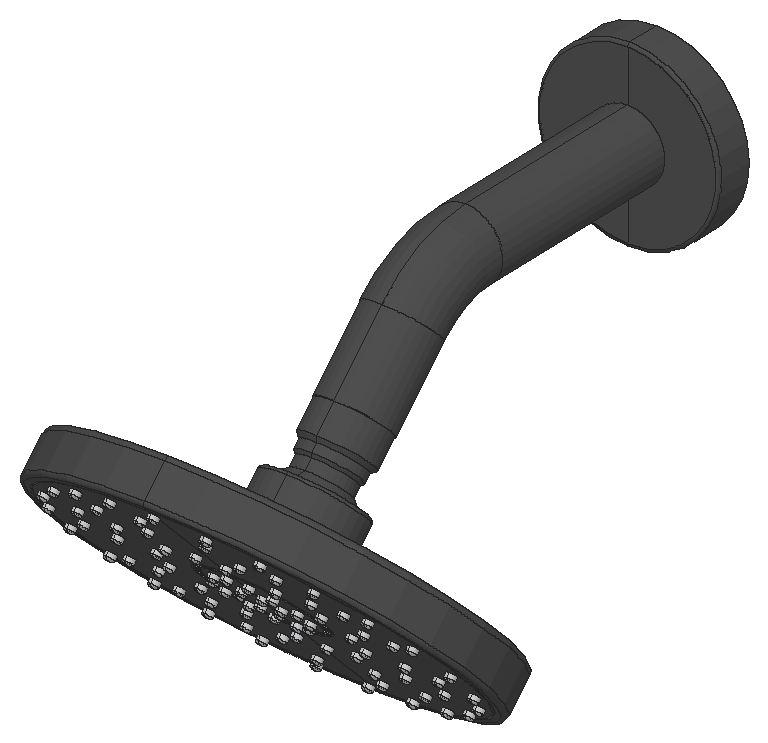
Revit family "Reece_Shower_Nikles_Pearl_Shower Arm and Rose", category Plumbing Fixtures, Revit 2018
Family settings
  Round Connector Dimension = Use Diameter
  Part Type = Normal
  Work Plane-Based = Yes
  Always vertical = Yes
  Cut with Voids When Loaded = Yes
  Shared = Yes
  Room Calculation Point = Yes
Parameters (values of type "Matte Black")
  URL = "https://www.reece.com.au/product/-4201155"
  Type Comments = "Shower"
  Reece_Shower_Inlet = 12 mm  # constant formula
  Reece_Product_Web Page = "https://www.reece.com.au/product/-4201155"
  Reece_Product_Type = "Shower"  # constant formula
  Reece_Product_Sub Brand = "Pearl"  # constant formula
  Reece_Product_Number = "4201155"
  Reece_Product_Mount = "Wall Mounted"
  Reece_Product_Description = "Nikles Pearl Wall Shower & Arm Matte Black (4 Star)"
  Reece_Product_Brand = "Nikles"  # constant formula
  Reece_Overall_Projection = 211 mm  # constant formula
  Reece_Overall_Height = 147 mm  # constant formula
  Reece_Overall_Diameter = 140 mm  # constant formula
  Reece_Material_Secondary = Reece_Plastic_White
  Reece_Material_Main = Reece_Brass_Matte Black
  Reece_Height_From_Level [instance] = 1600 mm
  Reece_Detail_Installation = "Shower Arm & Rose"  # constant formula
  Reece_Detail_Disclaimer = "THIS FILE IS THE PROPERTY OF THE REECE GROUP. IT MAY NOT BE REPRODUCED, REVERSE-ENGINEERED OR MODIFIED. ANY REPUBLICATION, TRANSMISSION OR DISTRIBUTION FOR THE PURPOSE OF COMMERCIALLY EXPLOITING THE FILES IS PROHIBITED."  # constant formula
  Model = "Pearl"
  Manufacturer = "Nikles"
  Keynote = "Product #4201155, Reece_Shower_Nikles_Pearl_Shower Arm and Rose - Matte Black"
  Disclaimer = "THIS FILE IS THE PROPERTY OF THE REECE GROUP. IT MAY NOT BE REPRODUCED, REVERSE-ENGINEERED OR MODIFIED. ANY REPUBLICATION, TRANSMISSION OR DISTRIBUTION FOR THE PURPOSE OF COMMERCIALLY EXPLOITING THE FILES IS PROHIBITED."  # constant formula
  Description = "Nikles Pearl Wall Shower & Arm Matte Black (4 Star)"
  Default Elevation = 0 mm
Types (3, lengths in mm): name | URL | Reece_Product_Web Page | Reece_Product_Number | Reece_Product_Description | Reece_Material_Main | Keynote | Description
  (no name) | "https://www.reece.com.au/product/-4201151" | "https://www.reece.com.au/product/-4201151" | "4201151" | "Nikles Pearl Wall Shower & Arm Chrome (4 Star)" | Reece_Brass_Chrome | "Product #4201151, Reece_Shower_Nikles_Pearl_Shower Arm and Rose -  " | "Nikles Pearl Wall Shower & Arm Chrome (4 Star)"
  Chrome | "https://www.reece.com.au/product/-4201151" | "https://www.reece.com.au/product/-4201151" | "4201151" | "Nikles Pearl Wall Shower & Arm Chrome (4 Star)" | Reece_Brass_Chrome | "Product #4201151, Reece_Shower_Nikles_Pearl_Shower Arm and Rose - Chrome" | "Nikles Pearl Wall Shower & Arm Chrome (4 Star)"
  Matte Black | "https://www.reece.com.au/product/-4201155" | "https://www.reece.com.au/product/-4201155" | "4201155" | "Nikles Pearl Wall Shower & Arm Matte Black (4 Star)" | Reece_Brass_Matte Black | "Product #4201155, Reece_Shower_Nikles_Pearl_Shower Arm and Rose - Matte Black" | "Nikles Pearl Wall Shower & Arm Matte Black (4 Star)"
Reference planes
  plane 1 "Center (Front/Back)": y = 0
  plane 2 "Height From Floor": z = 1600
  plane 3 "Center (Left/Right)": x = 0
  plane 4 "Bottom Of Invisible Line": z = -5
  plane 5 "Front": y = -12
  plane 6: z = 1630
  plane 7: z = 1570
  plane 8: z = 1483
  plane 9: y = -211
  plane 10: x = -70
  plane 11: x = 70
Forms (mm)
  Sweep 1, solid, material "Reece_Brass_Matte Black" <- "Reece_Material_Main"
    path origin (0, 0, 0) x (0, 1, 0) y (0, 0, 1)
      loop
        line (-12, 1600) -> (-78.673, 1600)
        arc (-78.673, 1600) -> (-92.832, 1597.184) -> (-104.836, 1589.163) r 37
        line (-104.836, 1589.163) -> (-124.479, 1569.52)
    profile origin (0, -45.337, 1600) x (0, 0, -1) y (1, 0, 0)
      loop
        circle (0, 0) r 12
  Revolve 2, solid, material "Reece_Brass_Matte Black" <- "Reece_Material_Main"
    sketch origin (0, 0, 0) x (0, 1, 0) y (0, 0, 1)
      loop
        line (-6, 1600) -> (-6, 1608) -> (0, 1608) -> (0, 1630) -> (-11.049, 1630)
        arc (-11.049, 1630) -> (-11.721, 1629.721) -> (-12, 1629.049) r 0.951
        line (-12, 1629.049) -> (-12, 1600) -> (-6, 1600)
      axis (-12, 1600) -> (0, 1600)
    angle from 0 to 360
Lines and regions (mm)
  model lines, style "InvisibleLines"
    curve 1: line (0, 0, -5) -> (0, 0, 1600)
Text (mm)
  text "Reece ©" at (2310.245, -1874.396, 3832.171), in view "Reece Preview"
  text "Reece ©" at (1631.025, -1085.127, -1020.679), in view "Ref. Level"
Dimensions and locks
  plane 6 to plane 7 = 60 mm  (x2)
  plane 2 "Height From Floor" to plane 8 = 117 mm  (x3)
  "Reece_Overall_Projection": plane 1 "Center (Front/Back)" to plane 9
  plane 1 "Center (Front/Back)" to plane 5 "Front" = 12 mm
  locked: Sweep 1 sketch curve to Sweep 1 sketch curve at 10.837
  locked: plane 2 "Height From Floor" to Sweep 1 sketch curve at 30.48
  "Reece_Height_From_Level": plane 2 "Height From Floor" to level
  "Reece_Overall_Diameter": plane 11 to plane 10
  plane 7 to plane 2 "Height From Floor" to plane 6 = 30 mm locked, 30 mm locked
  "Reece_Overall_Height": plane 6 to plane 8
  aligned and locked: Sweep 1 sketch curve to plane 2 "Height From Floor"
  aligned and locked: plane 2 "Height From Floor" to Revolve 2 sketch curve
  aligned and locked: Revolve 2 sketch curve to plane 6
Automatic sketch dimensions
  curve 1 to plane 2 "Height From Floor" = 0 mm
  curve 1 to plane 3 "Center (Left/Right)" = 0 mm
  curve 1 to plane 4 "Bottom Of Invisible Line" = 0 mm
  Sweep 1 sketch curve to plane 5 "Front" = 0 mm
  Sweep 1 sketch curve to plane 5 "Front" = 66.673 mm
  Sweep 1 sketch curve to Sweep 1 sketch curve = 26.163 mm
  Sweep 1 sketch curve to Sweep 1 sketch curve = 19.643 mm
  Sweep 1 sketch curve to plane 3 "Center (Left/Right)" = 0 mm
  Sweep 1 sketch curve to profile plane = 0 mm
  Revolve 2 sketch curve to plane 2 "Height From Floor" = 0 mm
  Revolve 2 sketch curve to plane 5 "Front" = 0 mm
  plane 5 "Front" to Revolve 2 sketch curve = 0.951 mm
  plane 1 "Center (Front/Back)" to Revolve 2 sketch curve = 6 mm
  Revolve 2 sketch curve to plane 1 "Center (Front/Back)" = 3.152 mm
  Revolve 2 sketch curve to Revolve 2 sketch curve = 10 mm
  plane 2 "Height From Floor" to Revolve 2 sketch curve = 8 mm
  Revolve 2 sketch curve to plane 1 "Center (Front/Back)" = 0 mm
  radius of Sweep 1 sketch curve = 12 mm
Nested families
  nested 1: "Reece_Shower_Nikles_Pearl_Shower Arm and Rose_Nested" at (0, -124.49, 1569.53) x (1, 0, 0) z (0, -0.7071, -0.7071), Reece_Material_Main <- "Reece_Material_Main", Reece_Material_Secondary <- "Reece_Material_Secondary", type "Reece_Shower_Nikles_Pearl_Shower Arm and Rose_Nested"
    with Reece_Material_Secondary Reece_Plastic_White, Reece_Material_Main Reece_Brass_Matte Black
Connectors
  piping at (0, 0, 1600), diameter 12, driven by "Reece_Shower_Inlet"
    settings: on Revolve 2, index 1, connector inside diameter 609.6 mm, connector length 0 mm, flow factor 0, pipe flow 0.0 L/s, pressure drop 0.0 Pa, fitting loss kfactor 0, connector angle 0.00°, fixture units 0, engagement length 0 mm, angle of deflection 0.00°, flow configuration 0, flow direction 1, fitting loss method 0, system type 29, joint type 0, gender type 0, connector reference index -1, connector utility 0, adjustable connector no, is connector primary yes, connector description ""
Definition of nested family "Reece_Shower_Nikles_Pearl_Shower Arm and Rose_Nested"
  Parameters (values of type "Reece_Shower_Nikles_Pearl_Shower Arm and Rose_Nested")
    Waste Connection = no
    WFU = 0
    Vent Connection = no
    URL = ""
    Type Comments = ""
    Reece_Material_Secondary [instance] = none
    Reece_Material_Main [instance] = none
    Model = ""
    Manufacturer = ""
    Keynote = ""
    HWFU = 0
    HW Connection = no
    Description = ""
    Default Elevation = 0 mm
    Cost = 0
    CWFU = 0
    CW Connection = no
    Assembly Code = ""
  Reference planes
    plane 1 "Center (Front/Back)": y = 0
    plane 2: z = 0
    plane 3 "Center (Left/Right)": x = 0
    plane 4: x = 70
    plane 5: x = -70
    plane 6: y = 70
    plane 7: y = -70
    plane 8 "Top": z = 53.238
    plane 9: x = 70
  Forms (mm)
    Extrusion 1, solid
      sketch origin (619.2, 20, 0) x (1, 0, 0) y (0, 1, 0)
        loop
          line (-843.153, 203.827) -> (-843.153, -206.911) -> (-388.302, -206.911) -> (-388.302, 203.827) -> (-843.153, 203.827)
      from 0 to -35.776
    Revolve 2, solid, material <- "Reece_Material_Main"
      sketch origin (0, -65.224, -110.6) x (0, -0.707107, 0.707107) y (0, 0.707107, 0.707107)
        loop
          line (19.173, 210.408) -> (11.036, 202.271)
          arc (11.036, 202.271) -> (10.45, 200.857) -> (11.036, 199.442) r 2
          line (11.036, 199.442) -> (46.157, 164.321)
          arc (46.157, 164.321) -> (46.742, 162.907) -> (46.157, 161.493) r 2
          line (46.157, 161.493) -> (44.738, 160.075) -> (36.944, 152.28)
          arc (36.944, 152.28) -> (36.651, 151.573) -> (36.944, 150.866) r 1
          line (36.944, 150.866) -> (39.2, 148.61) -> (39.2, 144.413) -> (36.557, 141.77) -> (35.145, 141.77) -> (33.005, 139.63) -> (30.924, 139.63) -> (23.853, 132.559) -> (32.086, 124.326) -> (55.583, 147.824) -> (69.731, 161.971) -> (57.362, 174.34) -> (56.788, 173.766) -> (54.632, 175.922) -> (55.206, 176.496) -> (23.124, 208.578) -> (22.117, 207.57) -> (21.551, 208.136) -> (22.559, 209.143) -> (21.294, 210.408)
          arc (21.294, 210.408) -> (20.233, 210.847) -> (19.173, 210.408) r 1.5
        axis (69.731, 161.971) -> (32.086, 124.326)
      angle from 0 to 360
    Extrusion 3, solid, material <- "Reece_Material_Secondary", detail levels fine
      sketch origin (0, 0, 53.238) x (-1, 0, 0) y (0, -1, 0)
        loop
          circle (0, -18.985) r 0.8
        loop
          circle (0, 18.985) r 0.8
        loop
          circle (18.985, 0) r 0.8
        loop
          circle (-18.985, 0) r 0.8
        loop
          circle (13.112, -13.737) r 0.8
        loop
          circle (7.036, -17.661) r 0.8
        loop
          circle (3.535, -18.71) r 0.8
        loop
          circle (10.277, -15.963) r 0.8
        loop
          circle (15.552, -10.889) r 0.8
        loop
          circle (17.476, -7.418) r 0.8
        loop
          circle (18.636, -3.623) r 0.8
        loop
          circle (-13.112, -13.737) r 0.8
        loop
          circle (-7.036, -17.661) r 0.8
        loop
          circle (-3.535, -18.71) r 0.8
        loop
          circle (-10.277, -15.963) r 0.8
        loop
          circle (-15.552, -10.889) r 0.8
        loop
          circle (-17.476, -7.418) r 0.8
        loop
          circle (-18.636, -3.623) r 0.8
        loop
          circle (13.112, 13.737) r 0.8
        loop
          circle (7.036, 17.661) r 0.8
        loop
          circle (3.535, 18.71) r 0.8
        loop
          circle (10.277, 15.963) r 0.8
        loop
          circle (15.552, 10.889) r 0.8
        loop
          circle (17.476, 7.418) r 0.8
        loop
          circle (18.636, 3.623) r 0.8
        loop
          circle (-13.112, 13.737) r 0.8
        loop
          circle (-7.036, 17.661) r 0.8
        loop
          circle (-3.535, 18.71) r 0.8
        loop
          circle (-10.277, 15.963) r 0.8
        loop
          circle (-15.552, 10.889) r 0.8
        loop
          circle (-17.476, 7.418) r 0.8
        loop
          circle (-18.636, 3.623) r 0.8
      from -0.812 to -0.147
  Text (mm)
    text "Reece Copyright © 2018, Reece Ltd." at (-684.407, -223.434, 0), in view "Ref. Level"
    text "Reece ©" at (290.323, 26.521, 334.836), in view "Reece_Preview"
  Dimensions and locks
    aligned and locked: Extrusion 1 to plane 2
    aligned and locked: level to Extrusion 1
  Nested families
    nested 1: "Nib_nested" at (-3.281, 5.434, 53.238), Reece_Material_Secondary <- "Reece_Material_Secondary", type "Nib_nested"
      with Reece_Material_Secondary none
    nested 2: "Nib_nested" at (-13.965, 3.753, 53.238), Reece_Material_Secondary <- "Reece_Material_Secondary", type "Nib_nested"
      with Reece_Material_Secondary none
    nested 3: "Nib_nested" at (-27.05, -12.821, 53.238), Reece_Material_Secondary <- "Reece_Material_Secondary", type "Nib_nested"
      with Reece_Material_Secondary none
    nested 4: "Nib_nested" at (-40.497, -12.027, 53.238), Reece_Material_Secondary <- "Reece_Material_Secondary", type "Nib_nested"
      with Reece_Material_Secondary none
    nested 5: "Nib_nested" at (-50.98, -13.252, 53.238), Reece_Material_Secondary <- "Reece_Material_Secondary", type "Nib_nested"
      with Reece_Material_Secondary none
    nested 6: "Nib_nested" at (-59.838, -17.984, 53.238), Reece_Material_Secondary <- "Reece_Material_Secondary", type "Nib_nested"
      with Reece_Material_Secondary none
    nested 7: "Nib_nested" at (-53.368, -32.3, 53.238), Reece_Material_Secondary <- "Reece_Material_Secondary", type "Nib_nested"
      with Reece_Material_Secondary none
    nested 8: "Nib_nested" at (-43.663, -29.437, 53.238), Reece_Material_Secondary <- "Reece_Material_Secondary", type "Nib_nested"
      with Reece_Material_Secondary none
    nested 9: "Nib_nested" at (-31.95, -27.466, 53.238), Reece_Material_Secondary <- "Reece_Material_Secondary", type "Nib_nested"
      with Reece_Material_Secondary none
    nested 10: "Nib_nested" at (-18.192, -23.636, 53.238), Reece_Material_Secondary <- "Reece_Material_Secondary", type "Nib_nested"
      with Reece_Material_Secondary none
    nested 11: "Nib_nested" at (-62.538, 0.271, 53.238), Reece_Material_Secondary <- "Reece_Material_Secondary", type "Nib_nested"
      with Reece_Material_Secondary none
    nested 12: "Nib_nested" at (-42.823, -45.206, 53.238), Reece_Material_Secondary <- "Reece_Material_Secondary", type "Nib_nested"
      with Reece_Material_Secondary none
    nested 13: "Nib_nested" at (-29.448, -43.435, 53.238), Reece_Material_Secondary <- "Reece_Material_Secondary", type "Nib_nested"
      with Reece_Material_Secondary none
    nested 14: "Nib_nested" at (-5, -29.437, 53.238), Reece_Material_Secondary <- "Reece_Material_Secondary", type "Nib_nested"
      with Reece_Material_Secondary none
    nested 15: "Nib_nested" at (-30.398, -54.432, 53.238), Reece_Material_Secondary <- "Reece_Material_Secondary", type "Nib_nested"
      with Reece_Material_Secondary none
    nested 16: "Nib_nested" at (-10.728, -51.458, 53.238), Reece_Material_Secondary <- "Reece_Material_Secondary", type "Nib_nested"
      with Reece_Material_Secondary none
    nested 17: "Nib_nested" at (-15.859, -60.233, 53.238), Reece_Material_Secondary <- "Reece_Material_Secondary", type "Nib_nested"
      with Reece_Material_Secondary none
    nested 18: "Nib_nested" at (-15.137, -39.264, 53.238), Reece_Material_Secondary <- "Reece_Material_Secondary", type "Nib_nested"
      with Reece_Material_Secondary none
    nested 19: "Nib_nested" at (0, -62.362, 53.238), Reece_Material_Secondary <- "Reece_Material_Secondary", type "Nib_nested"
      with Reece_Material_Secondary none
    nested 20: "Nib_nested" at (-29.997, 0.373, 53.238), Reece_Material_Secondary <- "Reece_Material_Secondary", type "Nib_nested"
      with Reece_Material_Secondary none
    nested 21: "Nib_nested" at (-9.811, 10.539, 53.238), Reece_Material_Secondary <- "Reece_Material_Secondary", type "Nib_nested"
      with Reece_Material_Secondary none
    nested 22: "Nib_nested" at (-3.482, 13.998, 53.238), Reece_Material_Secondary <- "Reece_Material_Secondary", type "Nib_nested"
      with Reece_Material_Secondary none
    nested 23: "Nib_nested" at (-27.05, 12.821, 53.238), Reece_Material_Secondary <- "Reece_Material_Secondary", type "Nib_nested"
      with Reece_Material_Secondary none
    nested 24: "Nib_nested" at (-40.497, 12.027, 53.238), Reece_Material_Secondary <- "Reece_Material_Secondary", type "Nib_nested"
      with Reece_Material_Secondary none
    nested 25: "Nib_nested" at (-50.98, 13.252, 53.238), Reece_Material_Secondary <- "Reece_Material_Secondary", type "Nib_nested"
      with Reece_Material_Secondary none
    nested 26: "Nib_nested" at (-59.838, 17.984, 53.238), Reece_Material_Secondary <- "Reece_Material_Secondary", type "Nib_nested"
      with Reece_Material_Secondary none
    nested 27: "Nib_nested" at (-53.368, 32.3, 53.238), Reece_Material_Secondary <- "Reece_Material_Secondary", type "Nib_nested"
      with Reece_Material_Secondary none
    nested 28: "Nib_nested" at (-43.663, 29.437, 53.238), Reece_Material_Secondary <- "Reece_Material_Secondary", type "Nib_nested"
      with Reece_Material_Secondary none
    nested 29: "Nib_nested" at (-31.95, 27.466, 53.238), Reece_Material_Secondary <- "Reece_Material_Secondary", type "Nib_nested"
      with Reece_Material_Secondary none
    nested 30: "Nib_nested" at (-18.192, 23.636, 53.238), Reece_Material_Secondary <- "Reece_Material_Secondary", type "Nib_nested"
      with Reece_Material_Secondary none
    nested 31: "Nib_nested" at (-42.823, 45.206, 53.238), Reece_Material_Secondary <- "Reece_Material_Secondary", type "Nib_nested"
      with Reece_Material_Secondary none
    nested 32: "Nib_nested" at (-29.448, 43.435, 53.238), Reece_Material_Secondary <- "Reece_Material_Secondary", type "Nib_nested"
      with Reece_Material_Secondary none
    nested 33: "Nib_nested" at (-5, 29.437, 53.238), Reece_Material_Secondary <- "Reece_Material_Secondary", type "Nib_nested"
      with Reece_Material_Secondary none
    nested 34: "Nib_nested" at (-30.398, 54.432, 53.238), Reece_Material_Secondary <- "Reece_Material_Secondary", type "Nib_nested"
      with Reece_Material_Secondary none
    nested 35: "Nib_nested" at (-10.728, 51.458, 53.238), Reece_Material_Secondary <- "Reece_Material_Secondary", type "Nib_nested"
      with Reece_Material_Secondary none
    nested 36: "Nib_nested" at (-15.859, 60.233, 53.238), Reece_Material_Secondary <- "Reece_Material_Secondary", type "Nib_nested"
      with Reece_Material_Secondary none
    nested 37: "Nib_nested" at (-15.137, 39.264, 53.238), Reece_Material_Secondary <- "Reece_Material_Secondary", type "Nib_nested"
      with Reece_Material_Secondary none
    nested 38: "Nib_nested" at (27.05, -12.821, 53.238) x (-1, 0, 0) z (0, 0, 1), Reece_Material_Secondary <- "Reece_Material_Secondary", type "Nib_nested"
      with Reece_Material_Secondary none
    nested 39: "Nib_nested" at (40.497, -12.027, 53.238) x (-1, 0, 0) z (0, 0, 1), Reece_Material_Secondary <- "Reece_Material_Secondary", type "Nib_nested"
      with Reece_Material_Secondary none
    nested 40: "Nib_nested" at (50.98, -13.252, 53.238) x (-1, 0, 0) z (0, 0, 1), Reece_Material_Secondary <- "Reece_Material_Secondary", type "Nib_nested"
      with Reece_Material_Secondary none
    nested 41: "Nib_nested" at (59.838, -17.984, 53.238) x (-1, 0, 0) z (0, 0, 1), Reece_Material_Secondary <- "Reece_Material_Secondary", type "Nib_nested"
      with Reece_Material_Secondary none
    nested 42: "Nib_nested" at (53.368, -32.3, 53.238) x (-1, 0, 0) z (0, 0, 1), Reece_Material_Secondary <- "Reece_Material_Secondary", type "Nib_nested"
      with Reece_Material_Secondary none
    nested 43: "Nib_nested" at (43.663, -29.437, 53.238) x (-1, 0, 0) z (0, 0, 1), Reece_Material_Secondary <- "Reece_Material_Secondary", type "Nib_nested"
      with Reece_Material_Secondary none
    nested 44: "Nib_nested" at (31.95, -27.466, 53.238) x (-1, 0, 0) z (0, 0, 1), Reece_Material_Secondary <- "Reece_Material_Secondary", type "Nib_nested"
      with Reece_Material_Secondary none
    nested 45: "Nib_nested" at (18.192, -23.636, 53.238) x (-1, 0, 0) z (0, 0, 1), Reece_Material_Secondary <- "Reece_Material_Secondary", type "Nib_nested"
      with Reece_Material_Secondary none
    nested 46: "Nib_nested" at (62.538, 0.271, 53.238) x (-1, 0, 0) z (0, 0, 1), Reece_Material_Secondary <- "Reece_Material_Secondary", type "Nib_nested"
      with Reece_Material_Secondary none
    nested 47: "Nib_nested" at (42.823, -45.206, 53.238) x (-1, 0, 0) z (0, 0, 1), Reece_Material_Secondary <- "Reece_Material_Secondary", type "Nib_nested"
      with Reece_Material_Secondary none
    nested 48: "Nib_nested" at (29.448, -43.435, 53.238) x (-1, 0, 0) z (0, 0, 1), Reece_Material_Secondary <- "Reece_Material_Secondary", type "Nib_nested"
      with Reece_Material_Secondary none
    nested 49: "Nib_nested" at (5, -29.437, 53.238) x (-1, 0, 0) z (0, 0, 1), Reece_Material_Secondary <- "Reece_Material_Secondary", type "Nib_nested"
      with Reece_Material_Secondary none
    nested 50: "Nib_nested" at (30.398, -54.432, 53.238) x (-1, 0, 0) z (0, 0, 1), Reece_Material_Secondary <- "Reece_Material_Secondary", type "Nib_nested"
      with Reece_Material_Secondary none
    nested 51: "Nib_nested" at (10.728, -51.458, 53.238) x (-1, 0, 0) z (0, 0, 1), Reece_Material_Secondary <- "Reece_Material_Secondary", type "Nib_nested"
      with Reece_Material_Secondary none
    nested 52: "Nib_nested" at (15.859, -60.233, 53.238) x (-1, 0, 0) z (0, 0, 1), Reece_Material_Secondary <- "Reece_Material_Secondary", type "Nib_nested"
      with Reece_Material_Secondary none
    nested 53: "Nib_nested" at (15.137, -39.264, 53.238) x (-1, 0, 0) z (0, 0, 1), Reece_Material_Secondary <- "Reece_Material_Secondary", type "Nib_nested"
      with Reece_Material_Secondary none
    nested 54: "Nib_nested" at (29.997, 0.373, 53.238) x (-1, 0, 0) z (0, 0, 1), Reece_Material_Secondary <- "Reece_Material_Secondary", type "Nib_nested"
      with Reece_Material_Secondary none
    nested 55: "Nib_nested" at (27.05, 12.821, 53.238) x (-1, 0, 0) z (0, 0, 1), Reece_Material_Secondary <- "Reece_Material_Secondary", type "Nib_nested"
      with Reece_Material_Secondary none
    nested 56: "Nib_nested" at (40.497, 12.027, 53.238) x (-1, 0, 0) z (0, 0, 1), Reece_Material_Secondary <- "Reece_Material_Secondary", type "Nib_nested"
      with Reece_Material_Secondary none
    nested 57: "Nib_nested" at (50.98, 13.252, 53.238) x (-1, 0, 0) z (0, 0, 1), Reece_Material_Secondary <- "Reece_Material_Secondary", type "Nib_nested"
      with Reece_Material_Secondary none
    nested 58: "Nib_nested" at (59.838, 17.984, 53.238) x (-1, 0, 0) z (0, 0, 1), Reece_Material_Secondary <- "Reece_Material_Secondary", type "Nib_nested"
      with Reece_Material_Secondary none
    nested 59: "Nib_nested" at (53.368, 32.3, 53.238) x (-1, 0, 0) z (0, 0, 1), Reece_Material_Secondary <- "Reece_Material_Secondary", type "Nib_nested"
      with Reece_Material_Secondary none
    nested 60: "Nib_nested" at (43.663, 29.437, 53.238) x (-1, 0, 0) z (0, 0, 1), Reece_Material_Secondary <- "Reece_Material_Secondary", type "Nib_nested"
      with Reece_Material_Secondary none
    nested 61: "Nib_nested" at (31.95, 27.466, 53.238) x (-1, 0, 0) z (0, 0, 1), Reece_Material_Secondary <- "Reece_Material_Secondary", type "Nib_nested"
      with Reece_Material_Secondary none
    nested 62: "Nib_nested" at (18.192, 23.636, 53.238) x (-1, 0, 0) z (0, 0, 1), Reece_Material_Secondary <- "Reece_Material_Secondary", type "Nib_nested"
      with Reece_Material_Secondary none
    nested 63: "Nib_nested" at (42.823, 45.206, 53.238) x (-1, 0, 0) z (0, 0, 1), Reece_Material_Secondary <- "Reece_Material_Secondary", type "Nib_nested"
      with Reece_Material_Secondary none
    nested 64: "Nib_nested" at (29.448, 43.435, 53.238) x (-1, 0, 0) z (0, 0, 1), Reece_Material_Secondary <- "Reece_Material_Secondary", type "Nib_nested"
      with Reece_Material_Secondary none
    nested 65: "Nib_nested" at (5, 29.437, 53.238) x (-1, 0, 0) z (0, 0, 1), Reece_Material_Secondary <- "Reece_Material_Secondary", type "Nib_nested"
      with Reece_Material_Secondary none
    nested 66: "Nib_nested" at (30.398, 54.432, 53.238) x (-1, 0, 0) z (0, 0, 1), Reece_Material_Secondary <- "Reece_Material_Secondary", type "Nib_nested"
      with Reece_Material_Secondary none
    nested 67: "Nib_nested" at (10.728, 51.458, 53.238) x (-1, 0, 0) z (0, 0, 1), Reece_Material_Secondary <- "Reece_Material_Secondary", type "Nib_nested"
      with Reece_Material_Secondary none
    nested 68: "Nib_nested" at (15.859, 60.233, 53.238) x (-1, 0, 0) z (0, 0, 1), Reece_Material_Secondary <- "Reece_Material_Secondary", type "Nib_nested"
      with Reece_Material_Secondary none
    nested 69: "Nib_nested" at (15.137, 39.264, 53.238) x (-1, 0, 0) z (0, 0, 1), Reece_Material_Secondary <- "Reece_Material_Secondary", type "Nib_nested"
      with Reece_Material_Secondary none
    nested 70: "Nib_nested" at (0, 62.865, 53.238), Reece_Material_Secondary <- "Reece_Material_Secondary", type "Nib_nested"
      with Reece_Material_Secondary none
    nested 71: "Nib_nested" at (-6.692, 0.095, 53.238), Reece_Material_Secondary <- "Reece_Material_Secondary", type "Nib_nested"
      with Reece_Material_Secondary none
    nested 72: "Nib_nested" at (-3.281, -5.434, 53.238), Reece_Material_Secondary <- "Reece_Material_Secondary", type "Nib_nested"
      with Reece_Material_Secondary none
    nested 73: "Nib_nested" at (3.281, 5.121, 53.238) x (-1, 0, 0) z (0, 0, 1), Reece_Material_Secondary <- "Reece_Material_Secondary", type "Nib_nested"
      with Reece_Material_Secondary none
    nested 74: "Nib_nested" at (6.692, 0.095, 53.238) x (-1, 0, 0) z (0, 0, 1), Reece_Material_Secondary <- "Reece_Material_Secondary", type "Nib_nested"
      with Reece_Material_Secondary none
    nested 75: "Nib_nested" at (3.281, -5.434, 53.238) x (-1, 0, 0) z (0, 0, 1), Reece_Material_Secondary <- "Reece_Material_Secondary", type "Nib_nested"
      with Reece_Material_Secondary none
    nested 76: "Nib_nested" at (-13.965, -3.753, 53.238), Reece_Material_Secondary <- "Reece_Material_Secondary", type "Nib_nested"
      with Reece_Material_Secondary none
    nested 77: "Nib_nested" at (-9.811, -10.539, 53.238), Reece_Material_Secondary <- "Reece_Material_Secondary", type "Nib_nested"
      with Reece_Material_Secondary none
    nested 78: "Nib_nested" at (13.965, 3.753, 53.238) x (-1, 0, 0) z (0, 0, 1), Reece_Material_Secondary <- "Reece_Material_Secondary", type "Nib_nested"
      with Reece_Material_Secondary none
    nested 79: "Nib_nested" at (9.811, 10.539, 53.238) x (-1, 0, 0) z (0, 0, 1), Reece_Material_Secondary <- "Reece_Material_Secondary", type "Nib_nested"
      with Reece_Material_Secondary none
    nested 80: "Nib_nested" at (3.794, 13.998, 53.238) x (-1, 0, 0) z (0, 0, 1), Reece_Material_Secondary <- "Reece_Material_Secondary", type "Nib_nested"
      with Reece_Material_Secondary none
    nested 81: "Nib_nested" at (13.965, -3.753, 53.238) x (-1, 0, 0) z (0, 0, 1), Reece_Material_Secondary <- "Reece_Material_Secondary", type "Nib_nested"
      with Reece_Material_Secondary none
    nested 82: "Nib_nested" at (9.811, -10.539, 53.238) x (-1, 0, 0) z (0, 0, 1), Reece_Material_Secondary <- "Reece_Material_Secondary", type "Nib_nested"
      with Reece_Material_Secondary none
    nested 83: "Nib_nested" at (-3.482, -13.998, 53.238), Reece_Material_Secondary <- "Reece_Material_Secondary", type "Nib_nested"
      with Reece_Material_Secondary none
    nested 84: "Nib_nested" at (3.794, -13.998, 53.238) x (-1, 0, 0) z (0, 0, 1), Reece_Material_Secondary <- "Reece_Material_Secondary", type "Nib_nested"
      with Reece_Material_Secondary none
  Definition of nested family "Nib_nested"
    Parameters (values of type "Nib_nested")
      Reece_Material_Secondary [instance] = none
      Default Elevation = 0 mm
    Reference planes
      plane 1 "Center (Front/Back)": y = 0
      plane 2: z = 0
      plane 3 "Center (Left/Right)": x = 0
    Forms (mm)
      Extrusion 1, solid
        sketch origin (0, 0, 0) x (1, 0, 0) y (0, 1, 0)
          loop
            line (-9.945, 8.653) -> (-9.945, -8.495) -> (9.512, -8.495) -> (9.512, 8.653) -> (-9.945, 8.653)
        from 0 to -2
      Revolve 2, solid, material <- "Reece_Material_Secondary", detail levels fine
        sketch origin (0, -226.111, 0) x (0, 1, 0) y (0, 0, 1)
          loop
            line (227.698, 0) -> (227.698, 1.638)
            arc (227.698, 1.638) -> (227.077, 2.001) -> (226.363, 2.089) r 1.783
            line (226.363, 2.089) -> (226.363, 0) -> (227.698, 0)
          axis (226.111, 0) -> (226.111, 2.089)
        angle from 0 to 360
    Text (mm)
      text "Reece ©" at (671.782, -497.484, 486.721), in view "Reece_Preview"
    Dimensions and locks
      aligned and locked: plane 2 to Extrusion 1
      aligned and locked: level to Extrusion 1
